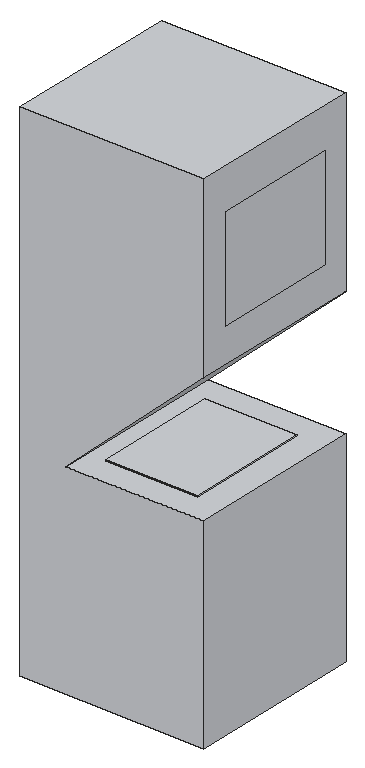
Revit family "M_lavadora e secadora empilhadas", category Peças hidrossanitárias, Revit 2019
Family settings
  Cota do conector redondo = Usar raio
  Tipo de parte = Normal
  Número OmniClass = 23.45.70.11.11
  Título OmniClass = Residential Laundry Equipment
  ID de item do Seek = Stacked Washer and Dryer-0000-CAN-ENU
  Com base no plano de trabalho = Não
  Sempre na vertical = Sim
  Corte com vazios quando carregada = Não
  Compartilhado = Não
  Ponto de cálculo do ambiente = Não
Parameters (values of type "660 mmx635 mm - Público")
  Raio do sanitário = 25 mm
  Diâmetro do sanitário = Raio do sanitário * 2  # 50 mm
  WFU = 3
  Voltagem = 120 V
  Largura total = 635 mm
  Comprimento total = 660 mm
  Número de pólos = 1
  Carregando material de recobrimento = none
  Classificação de carga = Secador de roupas elétrico
  Raio da água quente = 12.5 mm
  Diâmetro da água quente = Raio da água quente * 2  # 25 mm
  Largura de metade do total = 0.5 * Largura total  # 317.5 mm
  HWFU = 2.25
  HP = "1/2"
  Raio do gás = 7.5 mm
  Diâmetro do gás = Raio do gás * 2  # 15 mm
  Pressão do fluxo [instance] = 55158.0 Pa
  Raio da água gelada = 12.5 mm
  Diâmetro da água gelada = Raio da água gelada * 2  # 25 mm
  CWFU = 2.25
  Material do corpo = none
  Carga aparente = 2250 VA
Types (3, lengths in mm): name | WFU | HWFU | CWFU
  (no name) | 3 | 2.25 | 2.25
  660 mmx635 mm - Privado | 2 | 1 | 1
  660 mmx635 mm - Público | 3 | 2.25 | 2.25
Reference planes
  plane 1 "Centro (Frente/Trás)": y = 0
  plane 2: z = 0
  plane 3 "Centro (Esquerda/Direita)": x = 0
  plane 4: y = -317.5
  plane 5: y = 317.5
  plane 6: z = 731.837
  plane 7: x = 165.1
  plane 8: x = 660
  plane 9: z = 1828.8
  plane 10: z = 1189.037
  plane 11: y = 222.25
  plane 12: y = -222.25
  plane 13: z = 1682.75
  plane 14: z = 1316.831
  plane 15: x = 663.175
  plane 16: z = 735.012
  plane 17: x = 560.781
  plane 18: x = 230.581
  plane 19: x = 429.019
  plane 20: y = 101.6
  plane 21: y = -101.6
  plane 22: y = 215.9
  plane 23: y = -215.9
  plane 24: z = 101.6
  plane 25: z = 609.6
  plane 26: x = 25.4
Forms (mm)
  Extrusion 1, solid, material <- "Material do corpo"
    sketch origin (0, 0, 0) x (1, 0, 0) y (0, 0, 1)
      loop
        line (0, 1828.8) -> (0, 0) -> (660, 0) -> (660, 731.838) -> (165.1, 731.838) -> (660, 1189.038) -> (660, 1828.8) -> (0, 1828.8)
    from -317.5 to 317.5
  Extrusion 2, solid, material <- "Carregando material de recobrimento"
    sketch origin (0, 0, 0) x (1, 0, 0) y (0, 0, 1)
      loop
        line (660, 1682.75) -> (660, 1316.831) -> (663.175, 1316.831) -> (663.175, 1682.75) -> (660, 1682.75)
    from -222.25 to 222.25
  Extrusion 3, solid, material <- "Carregando material de recobrimento"
    sketch origin (0, 0, 0) x (1, 0, 0) y (0, 1, 0)
      loop
        line (230.581, 222.25) -> (230.581, -222.25) -> (560.781, -222.25) -> (560.781, 222.25) -> (230.581, 222.25)
    from 731.837 to 735.012
  Extrusion 4, solid, material <- "Material do corpo"
    sketch origin (0, 0, 0) x (0, 1, 0) y (0, 0, 1)
      loop
        circle (101.6, 609.6) r 25.4
    from 0 to 25.4
  Extrusion 5, solid, material <- "Material do corpo"
    sketch origin (0, 0, 0) x (0, 1, 0) y (0, 0, 1)
      loop
        circle (-101.6, 609.6) r 25.4
    from 0 to 25.4
  Extrusion 6, solid, material <- "Material do corpo"
    sketch origin (0, 0, 0) x (0, 1, 0) y (0, 0, 1)
      loop
        circle (0, 101.6) r 25.4
    from 0 to 25.4
  Extrusion 7, solid, material <- "Material do corpo"
    sketch origin (0, 0, 0) x (0, 1, 0) y (0, 0, 1)
      loop
        circle (215.9, 101.6) r 25.4
    from 0 to 25.4
  Extrusion 8, solid, material <- "Material do corpo"
    sketch origin (0, 0, 0) x (0, 1, 0) y (0, 0, 1)
      loop
        circle (-215.9, 101.6) r 25.4
    from 0 to 25.4
Cuts and joins
  joined: Extrusion 1, Extrusion 4, Extrusion 5, Extrusion 6, Extrusion 7, Extrusion 8
Lines and regions (mm)
  symbolic lines
    curve 1: line (429.019, 317.5, 0) -> (429.019, -317.5, 0)
    curve 2: line (429.019, 222.25, 0) -> (560.781, 222.25, 0)
    curve 3: line (560.781, 222.25, 0) -> (560.781, -222.25, 0)
    curve 4: line (560.781, -222.25, 0) -> (429.019, -222.25, 0)
Dimensions and locks
  "Largura de metade do total": plane 4 to plane 1 "Centro (Frente/Trás)"
  "Largura de metade do total": plane 5 to plane 1 "Centro (Frente/Trás)"
  locked: plane 6 to plane 2 at 731.838
  locked: plane 7 to plane 3 "Centro (Esquerda/Direita)" at 165.1
  "Comprimento total": plane 8 to plane 3 "Centro (Esquerda/Direita)"
  locked: plane 9 to plane 2 at 1828.8
  locked: plane 9 to plane 10 at 639.763
  locked: plane 11 to plane 1 "Centro (Frente/Trás)" at 222.25
  locked: plane 1 "Centro (Frente/Trás)" to plane 12 at 222.25
  locked: plane 9 to plane 13 at 146.05
  locked: plane 13 to plane 14 at 365.919
  locked: plane 15 to plane 8 at 3.175
  locked: plane 16 to plane 6 at 3.175
  locked: plane 17 to plane 8 at 99.219
  locked: plane 18 to plane 8 at 429.419
  locked: plane 19 to plane 8 at 230.981
  locked: plane 20 to plane 1 "Centro (Frente/Trás)" at 101.6
  locked: plane 1 "Centro (Frente/Trás)" to plane 21 at 101.6
  locked: plane 22 to plane 1 "Centro (Frente/Trás)" at 215.9
  locked: plane 1 "Centro (Frente/Trás)" to plane 23 at 215.9
  locked: plane 24 to plane 2 at 101.6
  locked: plane 25 to plane 24 at 508
  locked: plane 3 "Centro (Esquerda/Direita)" to plane 26 at 25.4
  radius of Extrusion 4 sketch curve = 25.4 mm
  radius of Extrusion 5 sketch curve = 25.4 mm
  radius of Extrusion 6 sketch curve = 25.4 mm
  radius of Extrusion 7 sketch curve = 25.4 mm
  radius of Extrusion 8 sketch curve = 25.4 mm
  aligned and locked: plane 8 to Extrusion 1 sketch curve  (x4)
  aligned and locked: plane 9 to Extrusion 1 sketch curve  (x2)
  aligned and locked: Extrusion 1 sketch curve to plane 3 "Centro (Esquerda/Direita)"
  aligned and locked: Extrusion 1 sketch curve to plane 2
  aligned and locked: plane 3 "Centro (Esquerda/Direita)" to Extrusion 1 sketch curve
  aligned and locked: plane 2 to Extrusion 1 sketch curve
  aligned and locked: plane 6 to Extrusion 1 sketch curve  (x2)
  aligned and locked: plane 7 to Extrusion 1 sketch curve
  aligned and locked: plane 10 to Extrusion 1 sketch curve
  aligned and locked: plane 5 to Extrusion 1
  aligned and locked: Extrusion 1 to plane 4
  aligned and locked: Extrusion 2 sketch curve to plane 13
  aligned and locked: plane 14 to Extrusion 2 sketch curve
  aligned and locked: Extrusion 2 sketch curve to plane 15
  aligned and locked: plane 8 to Extrusion 2 sketch curve
  aligned and locked: plane 11 to Extrusion 2
  aligned and locked: Extrusion 2 to plane 12
  aligned and locked: Extrusion 3 sketch curve to plane 11
  aligned and locked: plane 12 to Extrusion 3 sketch curve
  aligned and locked: plane 18 to Extrusion 3 sketch curve
  aligned and locked: Extrusion 3 sketch curve to plane 17
  aligned and locked: plane 16 to Extrusion 3
  aligned and locked: Extrusion 3 to plane 6
  aligned and locked: plane 20 to Extrusion 4 sketch curve
  aligned and locked: plane 25 to Extrusion 4 sketch curve
  aligned and locked: plane 21 to Extrusion 5 sketch curve
  aligned and locked: plane 25 to Extrusion 5 sketch curve
  aligned and locked: plane 1 "Centro (Frente/Trás)" to Extrusion 6 sketch curve
  aligned and locked: plane 24 to Extrusion 6 sketch curve
  aligned and locked: plane 22 to Extrusion 7 sketch curve
  aligned and locked: plane 24 to Extrusion 7 sketch curve
  aligned and locked: plane 23 to Extrusion 8 sketch curve
  aligned and locked: plane 24 to Extrusion 8 sketch curve
  aligned and locked: Extrusion 7 to plane 3 "Centro (Esquerda/Direita)"
  aligned and locked: plane 26 to Extrusion 7
  aligned and locked: Extrusion 4 to plane 3 "Centro (Esquerda/Direita)"
  aligned and locked: plane 26 to Extrusion 4
  aligned and locked: Extrusion 6 to plane 3 "Centro (Esquerda/Direita)"
  aligned and locked: plane 26 to Extrusion 6
  aligned and locked: Extrusion 5 to plane 3 "Centro (Esquerda/Direita)"
  aligned and locked: plane 26 to Extrusion 5
  aligned and locked: Extrusion 8 to plane 3 "Centro (Esquerda/Direita)"
  aligned and locked: plane 26 to Extrusion 8
Automatic sketch dimensions
  curve 1 to plane 4 = 0 mm
  curve 1 to plane 19 = 0 mm
  curve 3 to plane 12 = 0 mm
  curve 4 to plane 17 = 0 mm
  curve 3 to plane 11 = 0 mm
  curve 1 to plane 5 = 0 mm
Connectors
  piping at (0, 101.6, 609.6), diameter 25, driven by "CWFU", driven by "Raio da água gelada", driven by "Pressão do fluxo"
    settings: on Extrusion 4, index 1, connector inside diameter 25 mm, connector length 0 mm, flow factor 0, pipe flow 0.0 L/s, pressure drop 55158.0 Pa, fitting loss kfactor 0, connector angle 0.00°, fixture units 2.25, engagement length 0 mm, angle of deflection 0.00°, flow configuration 3, flow direction 1, fitting loss method 4, system type 20, joint type 0, gender type 0, connector reference index -1, connector utility 0, adjustable connector no, is connector primary yes, connector description "In"
  piping at (0, -101.6, 609.6), diameter 25, driven by "Raio da água quente", driven by "HWFU", driven by "Pressão do fluxo"
    settings: on Extrusion 5, index 2, connector inside diameter 25 mm, connector length 0 mm, flow factor 0, pipe flow 0.0 L/s, pressure drop 55158.0 Pa, fitting loss kfactor 0, connector angle 0.00°, fixture units 2.25, engagement length 0 mm, angle of deflection 0.00°, flow configuration 3, flow direction 1, fitting loss method 4, system type 19, joint type 0, gender type 0, connector reference index -1, connector utility 0, adjustable connector no, is connector primary no, connector description "In"
  piping at (0, 0, 101.6), diameter 50, driven by "WFU", driven by "Raio do sanitário"
    settings: on Extrusion 6, index 3, connector inside diameter 50 mm, connector length 0 mm, flow factor 0, pipe flow 0.0 L/s, pressure drop 0.0 Pa, fitting loss kfactor 0, connector angle 0.00°, fixture units 3, engagement length 0 mm, angle of deflection 0.00°, flow configuration 3, flow direction 2, fitting loss method 0, system type 16, joint type 0, gender type 0, connector reference index -1, connector utility 0, adjustable connector yes, is connector primary no, connector description "Saída"
  piping at (0, 215.9, 101.6), diameter 15, driven by "Raio do gás"
    settings: on Extrusion 7, index 4, connector inside diameter 15 mm, connector length 0 mm, flow factor 0, pipe flow 0.0 L/s, pressure drop 0.0 Pa, fitting loss kfactor 0, connector angle 0.00°, fixture units 0, engagement length 0 mm, angle of deflection 0.00°, flow configuration 1, flow direction 1, fitting loss method 0, system type 22, joint type 0, gender type 0, connector reference index -1, connector utility 0, adjustable connector no, is connector primary no, connector description "Entrada de gás"
  electrical at (0, -215.9, 101.6), driven by "Número de pólos", driven by "Carga aparente", driven by "Voltagem", driven by "Classificação de carga"
    settings: on Extrusion 8, index 5, voltage 120 V, apparent load 2250 VA, apparent load phase1 0 VA, apparent load phase2 0 VA, apparent load phase3 0 VA, power factor 0.8, load classification "Secador de roupas elétrico", number of poles 1, system type 30, power factor state 1, is connector primary yes, connector utility no, sub classification motor no, connector description ""
